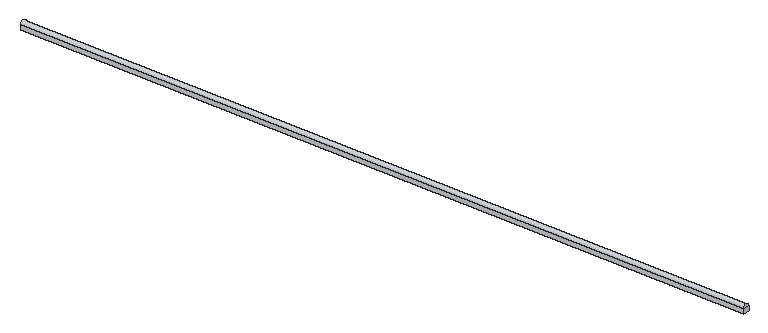
Revit family "TIRA LED 8MM24V_SL12024.U_W_N_C", category Luminarias, Revit 2019
Family settings
  Cota de conector redondo = Diámetro de uso
  Tipo de pieza = Normal
  Se basa en plano de trabajo = Sí
  Siempre vertical = No
  Corte con vacíos al cargar = No
  Origen de luz = Sí
  Compartido = No
  Punto de cálculo de habitación = No
Parameters (values of type "TIRA LED 8MM24V_SL12024.C")
  Zone [instance] = ""
  Watt per fixture [instance] = (Longitud / 1000 mm) * (9.6)  # 9.6
  Wattage = 9.6 W
  built-in parameter 1150107 = 6500 (stored number, unit not read)
  Light Source Symbol Size = 609.6 mm
  built-in parameter 1150110 = 1 (stored number, unit not read)
  built-in parameter 1150109 = 1 (stored number, unit not read)
  built-in parameter 1150112 = 1 (stored number, unit not read)
  built-in parameter 1150113 = 1 (stored number, unit not read)
  built-in parameter 1114218 = 1 (stored number, unit not read)
  built-in parameter 1150137 = (empty or 0)
  built-in parameter 1150132 = (empty or 0)
  Modelo Lampara = "3014 SMD"
  Modelo = "SL12024.C"
  Marca = "BRILLANT"
  Longitud de línea de emisión = 600 mm
  Longitud [instance] = 1000 mm
  built-in parameter 1150105 = 323.91 (stored number, unit not read)
  built-in parameter 1150102 = (empty or 0)
  built-in parameter 1150106 = 3.2391 (stored number, unit not read)
  Lumens = 1017.6 lm
  Color Filter = 16777215
  built-in parameter 1114217 = 1 (stored number, unit not read)
  built-in parameter 1150139 = (empty or 0)
  Fabricante = "BRILLANT"
  Default Elevation = 0 mm
  built-in parameter 1150104 = 9.8477 (stored number, unit not read)
  Descripción = "TIRA LED 8MM MONOCROMATICA , CON UNA POTENCIA DE 9.6W/M DE UN TIPO DE LED 3014 SMD, USO PARA INTERIORES COMO EXTERIORES IP20-65, IRC80, 120 LEDS POR METRO, PRESENTACION DE 5M, CORTE 5CM, TEMPERATURA EN BLANCO FRIO 6500K, 894 LUMENES POR METRO, AMPERAJE DE 0.35A, ALIMENTADO A 24V, REQUIERE ACCESORIOS."
  built-in parameter 1150115 = 1 (stored number, unit not read)
  built-in parameter 1150114 = 1 (stored number, unit not read)
  Comentarios de vataje = "24"
  built-in parameter 1150138 = (empty or 0)
  built-in parameter 1150134 = 1
  Circuit [instance] = ""
  Dimming Lamp Color Temperature Shift = (empty or 0)
  built-in parameter 1150133 = 10 (stored number, unit not read)
Types (5, lengths in mm): name | built-in parameter 1150107 | Modelo | built-in parameter 1150105 | built-in parameter 1150106 | Lumens | built-in parameter 1150104 | Descripción | built-in parameter 1150134
  TIRA LED 8MM24V_SL12024.U | 2400 (stored number, unit not read) | "SL12024.U" | 308.63 (stored number, unit not read) | 3.0863 (stored number, unit not read) | 969.6 lm | 9.3832 (stored number, unit not read) | "TIRA LED 8MM MONOCROMATICA , CON UNA POTENCIA DE 9.6W/M DE UN TIPO DE LED 3014 SMD, USO PARA INTERIORES COMO EXTERIORES IP20-65, IRC80, 120 LEDS POR METRO, PRESENTACION DE 5M, CORTE 5CM, TEMPERATURA EN BLANCO ULTRA CALIDO 2400K, 848 LUMENES POR METRO, AMPERAJE DE 0.35A, ALIMENTADO A 24V, REQUIERE ACCESORIOS." | (empty or 0)
  TIRA LED 8MM24V_SL12024.UU | 2700 (stored number, unit not read) | "SL12024.UU" | 323.91 (stored number, unit not read) | 3.2391 (stored number, unit not read) | 1017.6 lm | 9.8477 (stored number, unit not read) | "TIRA LED 8MM MONOCROMATICA , CON UNA POTENCIA DE 9.6W/M DE UN TIPO DE LED 3014 SMD, USO PARA INTERIORES COMO EXTERIORES IP20-65, IRC80, 120 LEDS POR METRO, PRESENTACION DE 5M, CORTE 5CM, TEMPERATURA EN BLANCO CALIDO 2700K, 894 LUMENES POR METRO, AMPERAJE DE 0.35A, ALIMENTADO A 24V, REQUIERE ACCESORIOS." | (empty or 0)
  TIRA LED 8MM24V_SL12024.W | 3000 (stored number, unit not read) | "SL12024.W" | 323.91 (stored number, unit not read) | 3.2391 (stored number, unit not read) | 1017.6 lm | 9.8477 (stored number, unit not read) | "TIRA LED 8MM MONOCROMATICA , CON UNA POTENCIA DE 9.6W/M DE UN TIPO DE LED 3014 SMD, USO PARA INTERIORES COMO EXTERIORES IP20-65, IRC80, 120 LEDS POR METRO, PRESENTACION DE 5M, CORTE 5CM, TEMPERATURA EN BLANCO CALIDO 3000K, 894 LUMENES POR METRO, AMPERAJE DE 0.35A, ALIMENTADO A 24V, REQUIERE ACCESORIOS." | (empty or 0)
  TIRA LED 8MM24V_SL12024.N | 4000 (stored number, unit not read) | "SL12024.N" | 336.14 (stored number, unit not read) | 3.3614 (stored number, unit not read) | 1056 lm | 10.219 (stored number, unit not read) | "TIRA LED 8MM MONOCROMATICA , CON UNA POTENCIA DE 9.6W/M DE UN TIPO DE LED 3014 SMD, USO PARA INTERIORES COMO EXTERIORES IP20-65, IRC80, 120 LEDS POR METRO, PRESENTACION DE 5M, CORTE 5CM, TEMPERATURA EN BLANCO FRIO 4000K, 921 LUMENES POR METRO, AMPERAJE DE 0.35A, ALIMENTADO A 24V, REQUIERE ACCESORIOS." | 12
  TIRA LED 8MM24V_SL12024.C | 6500 (stored number, unit not read) | "SL12024.C" | 323.91 (stored number, unit not read) | 3.2391 (stored number, unit not read) | 1017.6 lm | 9.8477 (stored number, unit not read) | "TIRA LED 8MM MONOCROMATICA , CON UNA POTENCIA DE 9.6W/M DE UN TIPO DE LED 3014 SMD, USO PARA INTERIORES COMO EXTERIORES IP20-65, IRC80, 120 LEDS POR METRO, PRESENTACION DE 5M, CORTE 5CM, TEMPERATURA EN BLANCO FRIO 6500K, 894 LUMENES POR METRO, AMPERAJE DE 0.35A, ALIMENTADO A 24V, REQUIERE ACCESORIOS." | 1
Reference planes
  plane 1 "Centro (Frontal/Posterior)": y = 0
  plane 2: z = 0
  plane 3 "Centro (Izquierda/Derecha)": x = 0
  plane 4 "IZQ": x = -407.821
  plane 5: x = 592.179
  plane 6: z = 12
  plane 7 "DER": x = 592.179
Forms (mm)
  Extrusion 1, solid
    sketch origin (0, 0, 0) x (1, 0, 0) y (0, 1, 0)
      loop
        line (-407.821, 4) -> (-407.821, -4) -> (592.179, -4) -> (592.179, 4) -> (-407.821, 4)
    from 0 to 6.038
  Extrusion 2, solid
    sketch origin (0, 0, 0) x (0, 1, 0) y (0, 0, 1)
      loop
        arc (4, 6.038) -> (0, 10.038) -> (-4, 6.038) r 4
        line (-4, 6.038) -> (4, 6.038)
    from -407.821 to 592.179
Dimensions and locks
  plane 6 to imposter light = 12 mm
  "Longitud": plane 4 "IZQ" to plane 7 "DER"
  aligned and locked: level to plane 2
  aligned and locked: plane 4 "IZQ" to Extrusion 1
  aligned and locked: Extrusion 1 to plane 5
  aligned and locked: plane 7 "DER" to Extrusion 1
  aligned and locked: Extrusion 2 to Extrusion 1  (x2)
Connectors
  electrical at (592.179, 0, 3.019)
    settings: on Extrusion 1, index 1, voltage 24 V, apparent load 0 VA, apparent load phase1 0 VA, apparent load phase2 0 VA, apparent load phase3 0 VA, power factor 1, load classification "Otro", number of poles 1, system type 31, power factor state 1, is connector primary yes, connector utility no, sub classification motor no, connector description ""
